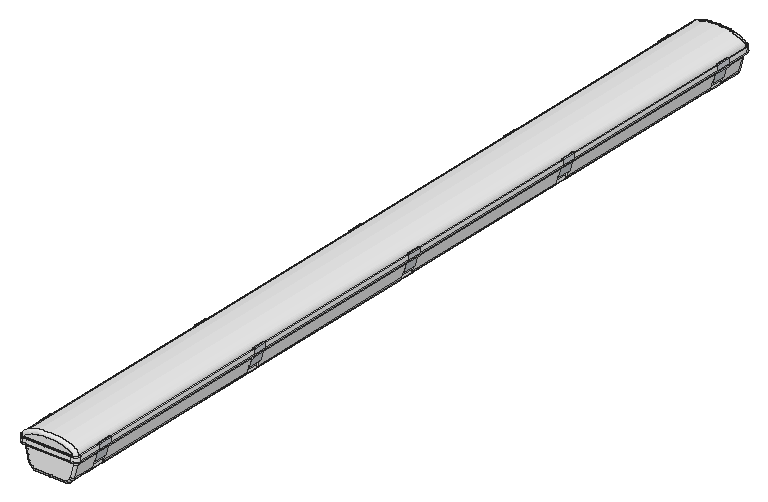
Revit family "0048797 Feilo Sylvania Lighting Fixture HYDROPROOF LED G3 1500MM T 4K D", category Lighting Fixtures, host Face, Revit 2016
Family settings
  Host = Face
  Part Type = Normal
  Round Connector Dimension = Use Diameter
  OmniClass Number = 23.80.70.11.14
  OmniClass Title = General Luminaries, Directional
  Cut with Voids When Loaded = No
  Light Source = Yes
  Shared = No
  Room Calculation Point = No
Parameters (values of type "0048797 HYDROPROOF LED G3 1500MM T 4K D")
  Width = 110 mm
  Weight = "2.6 kg"
  Wattage Comments = "n/a"
  Wattage = 47 W
  WarrantyStartDate [instance] = "n/a"
  WarrantyGuarantorParts = "n/a"
  WarrantyDurationUnit = "n/a"
  WarrantyDurationParts = "n/a"
  WarrantyDescription = "n/a"
  built-in parameter 1150110 = 1 (stored number, unit not read)
  Voltage = 230 V
  URL = "http://www.sylvania-lighting.com"
  TypeName = "HYDROPROOF LED G3 1500MM T 4K D"
  Type Image = <None>
  Type Comments = "n/a"
  built-in parameter 1114217 = 1 (stored number, unit not read)
  Tilt Angle = -90.00°
  built-in parameter 1150109 = 1 (stored number, unit not read)
  built-in parameter 1150134 = 12
  built-in parameter 1150113 = 1 (stored number, unit not read)
  SerialNumber [instance] = "n/a"
  ReflectorMaterial = none
  PowerFactor = 0
  PowerConsumption = "47 W"
  Photometric Web File = "0048797.ies"
  NominalWidth = 0 mm
  NominalLength = 1578 mm
  NominalHeight = 78 mm
  Name = "HYDROPROOF LED G3 1500MM T 4K D"
  ModelReference = "HYDROPROOF LED G3 1500MM T 4K D"
  ModelNumber = "0048797"
  Model = "HYDROPROOF LED G3 1500MM T 4K D"
  Material = "grp housing, pmma diffuser"
  ManufacturerName = "Feilo Sylvania"
  Manufacturer = "Feilo Sylvania"
  LuminousEfficacy = "147 lm/W"
  built-in parameter 1150105 = 549.8 (stored number, unit not read)
  Lumens = 6909 lm
  LuminaireType = ""
  built-in parameter 1150115 = 1 (stored number, unit not read)
  LightOutputRatio = "n/a"
  built-in parameter 1150137 = (empty or 0)
  built-in parameter 1150139 = (empty or 0)
  Length = 1572 mm
  LampsType = Lamp  # "LED"
  LampNominalLuminous = "6900 lm"
  LampMacAdamStep = "3"
  LampColourTemperature = "4000 K"
  LampColourRenderingIndex = "80"
  built-in parameter 1150112 = 1 (stored number, unit not read)
  built-in parameter 1150114 = 1 (stored number, unit not read)
  Lamp = "LED"
  Keynote = "16500"
  InstallationDate [instance] = "n/a"
  InputVoltage = "220-240V~"
  InputNominalFrequency = "DC/50/60 Hz"
  built-in parameter 1150132 = (empty or 0)
  built-in parameter 1150102 = (empty or 0)
  built-in parameter 1150107 = 4000 (stored number, unit not read)
  built-in parameter 1150138 = (empty or 0)
  IngressProtection = "IP65"
  ImpactProtectionIndex = "IK02"
  built-in parameter 1150106 = 5.498 (stored number, unit not read)
  IfcExportType = "IfcLightFixtureType"
  IfcExportAs = "IfcLightFixtureType"
  ExpectedLife = 50000
  Emit from Rectangle Width = Width - 20 mm  # 90 mm
  Emit from Rectangle Length = Length - 20 mm  # 1552 mm
  Emit Shape Visible in Rendering = no
  ElectricShockClassification = "Class I"
  built-in parameter 1150104 = 13.657 (stored number, unit not read)
  DurationUnit = "hours"
  DocumentationLiterature = "http://www.sylvania-lighting.com/product/en-int/products/0048797"
  DimmingControlOptions = "Dimmable"
  Dimming Lamp Color Temperature Shift = <None>
  DiffuserMaterial = Diffuser-Sylvania-Transparent
  Description = "Hydroproof, integrated LED chemical resistant weatherproof luminaire, with UV stabilized flat diffuser and linear prisms designed to achieve uniform lit appearance, optimise light output and to reduce glare, stainless steel diffuser clips and fixing brackets for surface and wall mounting. L 1578 mm x W 110 mm x H 78 mm size, GRP housing, PMMA diffuser, DALI dimmable, 4000K, CRI80,  6900 lm, 47 W, 147 lm/W, nominal average life (h):50000, energy class: A++ A+ A Class I,IK02, IP65."
  Default Elevation = 1219.2 mm
  CreatedOn = "3/27/2018"
  CreatedBy = "aron.fodor@feilosylvania.com"
  Cost = 0
  Color Filter = 16777215
  built-in parameter 1114216 [instance] = (empty or 0)
  ClassificationValue = "EF_70_80"
  ClassificationName = "Uniclass2015"
  BodyMaterial = Body-Sylvania-Gray
  BarCode [instance] = "n/a"
  built-in parameter 1114218 = 1 (stored number, unit not read)
  built-in parameter 1150133 = 10 (stored number, unit not read)
  AssetType = "Fixed"
  AssetIdentifier [instance] = "n/a"
  Assembly Code = "D5020200"
  Apparent Load = 47 VA
  AccessoryMaterial = Diffuser-Sylvania-Glow
Reference planes
  plane 1 "Center (Front/Back)": y = 0
  plane 2: z = 0
  plane 3 "Center (Left/Right)": x = 0
  plane 4: z = 54
  plane 5: x = -27.7
  plane 6: x = -34.8
  plane 7: x = -39.6
  plane 8: x = -42.2
  plane 9: z = 3
  plane 10: z = 7.8
  plane 11: z = 12.3
  plane 12: z = 36.6
  plane 13: z = 42.8
  plane 14: x = -51.1
  plane 15: z = 46.2
  plane 16: x = -55
  plane 17: y = 786
  plane 18: y = -786
  plane 19: x = 27.7
  plane 20: x = 34.8
  plane 21: x = 39.6
  plane 22: x = 42.2
  plane 23: x = 51.1
  plane 24: x = 55
  plane 25: y = 778.4
  plane 26: y = -778.4
  plane 27: y = -774.7
  plane 28: y = 774.7
  plane 29: z = 74
  plane 30: x = -51.5
  plane 31: x = 51.5
  plane 32: z = 55.2
  plane 33: y = -782.5
  plane 34: y = 782.5
  plane 35: x = -37.5
  plane 36: x = 37.5
  plane 37: x = -48.7
  plane 38: x = 48.7
  plane 39: x = 18
  plane 40: x = -18
  plane 41: z = 50.2
  plane 42: z = 24.6
  plane 43: y = 720
  plane 44: y = 706
  plane 45: y = 734
  plane 46: y = -720
  plane 47: y = 720
  plane 48: y = 706
  plane 49: y = 734
  plane 50: y = -720
  plane 51: y = -734
  plane 52: y = -706
  plane 53: y = 360
  plane 54: y = 346
  plane 55: y = 374
  plane 56: y = 0
  plane 57: y = -14
  plane 58: y = 14
  plane 59: y = -360
  plane 60: y = -374
  plane 61: y = -346
Forms (mm)
  Sweep 1, solid, material "Body-Sylvania-Gray" <- "BodyMaterial", detail levels medium+fine
    path origin (1223.4, -4572, 54) x (0, -1, 0) y (1, 0, 0)
      loop
        arc (-3796, -1278.4) -> (-3788.929, -1275.471) -> (-3786, -1268.4) r 10
        line (-3786, -1268.4) -> (-3786, -1178.4)
        arc (-3786, -1178.4) -> (-3788.929, -1171.329) -> (-3796, -1168.4) r 10
        line (-3796, -1168.4) -> (-5348, -1168.4)
        arc (-5348, -1168.4) -> (-5355.071, -1171.329) -> (-5358, -1178.4) r 10
        line (-5358, -1178.4) -> (-5358, -1268.4)
        arc (-5358, -1268.4) -> (-5355.071, -1275.471) -> (-5348, -1278.4) r 10
        line (-5348, -1278.4) -> (-3796, -1278.4)
    profile origin (-55, 0, 54) x (-1, 0, 0) y (0, 0, 1)
      loop
        line (0, 0) -> (-1, 0) -> (-1, -7.726)
        arc (-1, -7.726) -> (-1.994, -9.498) -> (-3.9, -10.2) r 2.937
        line (-3.9, -10.2) -> (-8.571, -10.2) -> (-8.571, -11.2) -> (-3.9, -11.2)
        arc (-3.9, -11.2) -> (-1.313, -10.231) -> (0, -7.8) r 3.937
        line (0, -7.8) -> (0, 0)
  Sweep 2, solid, material "Body-Sylvania-Gray" <- "BodyMaterial", detail levels medium+fine
    path origin (0, 0, 0) x (1, 0, 0) y (0, 0, 1)
      loop
        line (48.7, 42.8) -> (48.7, 36.6) -> (42.203, 12.31)
        arc (42.203, 12.31) -> (41.199, 9.884) -> (39.6, 7.8) r 10.052
        line (39.6, 7.8) -> (34.8, 3)
        arc (34.8, 3) -> (31.554, 0.781) -> (27.7, 0) r 9.902
        line (27.7, 0) -> (0, 0) -> (-27.7, 0)
        arc (-27.7, 0) -> (-31.554, 0.781) -> (-34.8, 3) r 9.902
        line (-34.8, 3) -> (-39.6, 7.8)
        arc (-39.6, 7.8) -> (-41.199, 9.884) -> (-42.203, 12.31) r 10.052
        line (-42.203, 12.31) -> (-48.7, 36.6) -> (-48.7, 42.8)
    profile origin (0, 0, 0) x (0, 0, -1) y (0, -1, 0)
      loop
        arc (0, 773.4) -> (-1.464, 776.936) -> (-5, 778.4) r 5
        line (-5, 778.4) -> (-7.8, 778.4) -> (-7.8, -778.4) -> (-5, -778.4)
        arc (-5, -778.4) -> (-1.464, -776.936) -> (0, -773.4) r 5
        line (0, -773.4) -> (0, 773.4)
  Extrusion 3, solid, material "Body-Sylvania-Gray" <- "BodyMaterial", detail levels medium+fine
    sketch origin (1524, 778.4, 1219.2) x (1, 0, 0) y (0, 0, 1)
      loop
        arc (-1558.668, -1204.874) -> (-1558.443, -1205.418) -> (-1558.085, -1205.885) r 2.252
        line (-1558.085, -1205.885) -> (-1553.231, -1210.738)
        arc (-1553.231, -1210.738) -> (-1552.534, -1211.227) -> (-1551.7, -1211.4) r 2.102
        line (-1551.7, -1211.4) -> (-1496.3, -1211.4)
        arc (-1496.3, -1211.4) -> (-1495.466, -1211.227) -> (-1494.769, -1210.738) r 2.102
        line (-1494.769, -1210.738) -> (-1489.915, -1205.885)
        arc (-1489.915, -1205.885) -> (-1489.557, -1205.418) -> (-1489.332, -1204.874) r 2.252
        line (-1489.332, -1204.874) -> (-1483.1, -1181.575) -> (-1483.1, -1176.4) -> (-1564.9, -1176.4) -> (-1564.9, -1181.575) -> (-1558.668, -1204.874)
    from 0 to 1556.8
  Sweep 4, solid, material "Diffuser-Sylvania-Transparent" <- "DiffuserMaterial", detail levels medium+fine
    path origin (0, 0, 0) x (1, 0, 0) y (0, 0, 1)
      loop
        spline (-51.5, 55.2) -> (-49.745, 60.066) -> (-44.6, 64.6) -> (-36.416, 68.494) -> (-25.75, 71.481) -> (-13.329, 73.359) -> (0, 74) -> (13.329, 73.359) -> (25.75, 71.481) -> (36.416, 68.494) -> (44.6, 64.6) -> (49.745, 60.066) -> (51.5, 55.2)
    profile origin (51.5, 0, 55.2) x (0, -1, 0) y (1, 0, 0)
      loop
        arc (782.5, -5.5) -> (780.889, -1.611) -> (777, 0) r 5.5
        line (777, 0) -> (-777, 0)
        arc (-777, 0) -> (-780.889, -1.611) -> (-782.5, -5.5) r 5.5
        line (-782.5, -5.5) -> (-782.5, -6.3) -> (-781.5, -6.3) -> (-781.5, -5.5)
        arc (-781.5, -5.5) -> (-780.182, -2.318) -> (-777, -1) r 4.5
        line (-777, -1) -> (777, -1)
        arc (777, -1) -> (780.182, -2.318) -> (781.5, -5.5) r 4.5
        line (781.5, -5.5) -> (781.5, -6.347) -> (782.5, -6.347) -> (782.5, -5.5)
  Extrusion 5, solid, material "Diffuser-Sylvania-Transparent" <- "DiffuserMaterial", detail levels medium+fine
    sketch origin (1524, -782.5, 1219.2) x (1, 0, 0) y (0, 0, 1)
      loop
        line (-1569.653, -1164) -> (-1478.347, -1164)
        spline (-1478.347, -1164) -> (-1478.969, -1162.594) -> (-1482.527, -1159.545) -> (-1489.588, -1156.201) -> (-1499.458, -1153.445) -> (-1511.242, -1151.663) -> (-1524, -1151.049) -> (-1536.758, -1151.663) -> (-1548.542, -1153.445) -> (-1558.412, -1156.201) -> (-1565.473, -1159.545) -> (-1569.031, -1162.594) -> (-1569.653, -1164)
    from 0 to -1
  Extrusion 6, solid, material "Diffuser-Sylvania-Transparent" <- "DiffuserMaterial", detail levels medium+fine
    sketch origin (1524, 782.5, 1219.2) x (1, 0, 0) y (0, 0, 1)
      loop
        spline (-1478.3, -1164) -> (-1478.931, -1162.565) -> (-1482.502, -1159.505) -> (-1489.572, -1156.155) -> (-1499.446, -1153.394) -> (-1511.236, -1151.614) -> (-1524, -1151.007) -> (-1536.764, -1151.614) -> (-1548.554, -1153.394) -> (-1558.428, -1156.155) -> (-1565.498, -1159.505) -> (-1569.069, -1162.565) -> (-1569.7, -1164)
        line (-1569.7, -1164) -> (-1478.3, -1164)
    from 0 to 1
  Extrusion 7, solid, material "Diffuser-Sylvania-Transparent" <- "DiffuserMaterial", detail levels medium+fine
    sketch origin (1223.4, -4572, 55.2) x (0, -1, 0) y (-1, 0, 0)
      loop
        arc (-5353.5, 1177.4) -> (-5352.182, 1174.218) -> (-5349, 1172.9) r 4.5
        line (-5349, 1172.9) -> (-3795, 1172.9)
        arc (-3795, 1172.9) -> (-3791.818, 1174.218) -> (-3790.5, 1177.4) r 4.5
        line (-3790.5, 1177.4) -> (-3790.5, 1269.4)
        arc (-3790.5, 1269.4) -> (-3791.818, 1272.582) -> (-3795, 1273.9) r 4.5
        line (-3795, 1273.9) -> (-5349, 1273.9)
        arc (-5349, 1273.9) -> (-5352.182, 1272.582) -> (-5353.5, 1269.4) r 4.5
        line (-5353.5, 1269.4) -> (-5353.5, 1177.4)
      loop
        line (-5358, 1268.4) -> (-5358, 1178.4)
        arc (-5358, 1178.4) -> (-5355.071, 1171.329) -> (-5348, 1168.4) r 10
        line (-5348, 1168.4) -> (-3796, 1168.4)
        arc (-3796, 1168.4) -> (-3788.929, 1171.329) -> (-3786, 1178.4) r 10
        line (-3786, 1178.4) -> (-3786, 1268.4)
        arc (-3786, 1268.4) -> (-3788.929, 1275.471) -> (-3796, 1278.4) r 10
        line (-3796, 1278.4) -> (-5348, 1278.4)
        arc (-5348, 1278.4) -> (-5355.071, 1275.471) -> (-5358, 1268.4) r 10
    from 0 to 1.2
  Extrusion 8, solid, material "Diffuser-Sylvania-Glow" <- "AccessoryMaterial", detail levels fine
    sketch origin (0, 0, 0) x (1, 0, 0) y (0, 0, 1)
      loop
        circle (-18, 50.2) r 8
      loop
        circle (18, 50.2) r 8
    from -774.7 to 774.7
  Extrusion 9, void
    sketch origin (0, 720, 2343.807) x (0, 0, -1) y (-1, 0, 0)
      loop
        line (2340.807, -37.5) -> (2331.507, -37.5) -> (2319.207, -42.2) -> (2319.207, -48.7) -> (2340.807, -48.7) -> (2340.807, -37.5)
      loop
        line (2340.807, 37.5) -> (2340.807, 48.7) -> (2319.207, 48.7) -> (2319.207, 42.2) -> (2331.507, 37.5) -> (2340.807, 37.5)
    from -14 to 14
  Extrusion 10, solid, material "Body-Sylvania-Gray" <- "BodyMaterial", detail levels coarse
    sketch origin (0, 0, 0) x (1, 0, 0) y (0, 0, 1)
      loop
        line (55, 42.8) -> (55, 55.2) -> (-55, 55.2) -> (-55, 42.791) -> (-42.2, 0) -> (42.2, 0) -> (55, 42.8)
    from -786 to 786
  Extrusion 11, solid, material "Diffuser-Sylvania-Transparent" <- "DiffuserMaterial", detail levels coarse
    sketch origin (0, 0, 0) x (1, 0, 0) y (0, 0, 1)
      loop
        arc (51.5, 55.2) -> (0, 74) -> (-51.5, 55.2) r 79.939
        line (-51.5, 55.2) -> (51.5, 55.2)
    from 778.4 to -778.4
  Extrusion 12, void, not visible
    sketch origin (0, 720, 2343.807) x (0, 0, -1) y (-1, 0, 0)
      loop
        line (2340.807, -37.5) -> (2331.507, -37.5) -> (2319.207, -42.2) -> (2319.207, -48.7) -> (2340.807, -48.7) -> (2340.807, -37.5)
      loop
        line (2340.807, 37.5) -> (2340.807, 48.7) -> (2319.207, 48.7) -> (2319.207, 42.2) -> (2331.507, 37.5) -> (2340.807, 37.5)
    from -14 to 14
  Extrusion 13, void
    sketch origin (0, -720, 2343.807) x (0, 0, -1) y (-1, 0, 0)
      loop
        line (2340.807, -37.5) -> (2331.507, -37.5) -> (2319.207, -42.2) -> (2319.207, -48.7) -> (2340.807, -48.7) -> (2340.807, -37.5)
      loop
        line (2340.807, 37.5) -> (2340.807, 48.7) -> (2319.207, 48.7) -> (2319.207, 42.2) -> (2331.507, 37.5) -> (2340.807, 37.5)
    from -14 to 14
  Extrusion 14, void
    sketch origin (0, 360, 2343.807) x (0, 0, -1) y (-1, 0, 0)
      loop
        line (2340.807, -37.5) -> (2331.507, -37.5) -> (2319.207, -42.2) -> (2319.207, -48.7) -> (2340.807, -48.7) -> (2340.807, -37.5)
      loop
        line (2340.807, 37.5) -> (2340.807, 48.7) -> (2319.207, 48.7) -> (2319.207, 42.2) -> (2331.507, 37.5) -> (2340.807, 37.5)
    from -14 to 14
  Extrusion 15, void
    sketch origin (0, 0, 2343.807) x (0, 0, -1) y (-1, 0, 0)
      loop
        line (2340.807, -37.5) -> (2331.507, -37.5) -> (2319.207, -42.2) -> (2319.207, -48.7) -> (2340.807, -48.7) -> (2340.807, -37.5)
      loop
        line (2340.807, 37.5) -> (2340.807, 48.7) -> (2319.207, 48.7) -> (2319.207, 42.2) -> (2331.507, 37.5) -> (2340.807, 37.5)
    from -14 to 14
  Extrusion 16, void
    sketch origin (0, -360, 2343.807) x (0, 0, -1) y (-1, 0, 0)
      loop
        line (2340.807, -37.5) -> (2331.507, -37.5) -> (2319.207, -42.2) -> (2319.207, -48.7) -> (2340.807, -48.7) -> (2340.807, -37.5)
      loop
        line (2340.807, 37.5) -> (2340.807, 48.7) -> (2319.207, 48.7) -> (2319.207, 42.2) -> (2331.507, 37.5) -> (2340.807, 37.5)
    from -14 to 14
Cuts and joins
  Extrusion 9, Extrusion 13, Extrusion 14, Extrusion 15, Extrusion 16 cuts Sweep 2
  Extrusion 13, Extrusion 14, Extrusion 15, Extrusion 16 cuts Extrusion 3
  joined: Sweep 2, Extrusion 3
  joined: Sweep 4, Extrusion 5, Extrusion 6
Dimensions and locks
  locked: plane 4 to plane 2 at 54
  plane 5 to plane 6 to plane 7 to plane 8 to plane 14 to plane 16 = 7.1 mm locked, 4.8 mm locked, 2.6 mm locked, 8.9 mm, 3.9 mm
  plane 4 to plane 15 to plane 13 to plane 12 to plane 11 to plane 10 to plane 9 = 7.8 mm locked, 3.4 mm, 6.2 mm locked, 24.3 mm locked, 4.5 mm locked, 4.8 mm locked
  equal spacing: plane 18, plane 1 "Center (Front/Back)", plane 17
  "Length": plane 18 to plane 17
  plane 19 to plane 20 to plane 21 to plane 22 to plane 23 to plane 24 = 7.1 mm locked, 4.8 mm locked, 2.6 mm locked, 8.9 mm, 3.9 mm
  equal spacing: plane 24, plane 3 "Center (Left/Right)", plane 16
  "Width": plane 24 to plane 16
  equal spacing: plane 27, plane 1 "Center (Front/Back)", plane 28
  locked: plane 26 to plane 27 at 3.7
  locked: Sweep 1 sketch curve to profile plane at 1
  locked: Sweep 1 sketch curve to plane 13 at 1
  locked: Sweep 1 sketch curve to plane 13 at 3.937  (x2)
  locked: Sweep 1 sketch curve to profile plane at 3.9  (x2)
  locked: plane 29 to plane 4 at 20
  equal spacing: plane 31, plane 3 "Center (Left/Right)", plane 30
  locked: plane 30 to plane 16 at 3.5
  locked: plane 32 to plane 4 at 1.2
  equal spacing: plane 33, plane 1 "Center (Front/Back)", plane 34
  equal spacing: plane 36, plane 3 "Center (Left/Right)", plane 35
  locked: plane 3 "Center (Left/Right)" to plane 35 at 37.5
  locked: plane 34 to plane 17 at 3.5
  equal spacing: plane 38, plane 3 "Center (Left/Right)", plane 37
  locked: plane 37 to plane 16 at 6.3
  equal spacing: plane 25, plane 1 "Center (Front/Back)", plane 26
  locked: plane 17 to plane 25 at 7.6
  locked: Sweep 2 sketch curve to plane 2 at 5  (x2)
  locked: Sweep 2 sketch curve to plane 26 at 5
  locked: plane 25 to Sweep 2 sketch curve at 5
  locked: Sweep 4 sketch curve to plane 31 at 5.5  (x2)
  locked: Sweep 4 sketch curve to plane 34 at 5.5
  plane 33 to Sweep 4 sketch curve = 5.5 mm
  locked: plane 34 to Sweep 4 sketch curve at 1
  locked: Sweep 4 sketch curve to plane 31 at 1
  locked: Sweep 4 sketch curve to Sweep 4 sketch curve at 1
  locked: Sweep 4 sketch curve to plane 31 at 6.347
  locked: Sweep 4 sketch curve to plane 31 at 6.3
  equal spacing: plane 39, plane 3 "Center (Left/Right)", plane 40
  locked: plane 3 "Center (Left/Right)" to plane 40 at 18
  locked: plane 42 to plane 2 at 24.6
  plane 45 to plane 43 to plane 44 = 14 mm locked, 14 mm locked
  locked: plane 17 to plane 43 at 66
  equal spacing: plane 43, plane 1 "Center (Front/Back)", plane 46
  plane 49 to plane 47 to plane 48 = 14 mm locked, 14 mm locked
  plane 52 to plane 50 to plane 51 = 14 mm locked, 14 mm locked  (x2)
  equal spacing: group 1, group 6, group 7, group 8, group 5  (x2)
  equal spacing: group 5, group 8, group 7, group 6, group 1
  plane 55 to plane 53 to plane 54 = 14 mm locked, 14 mm locked  (x2)
  plane 58 to plane 56 to plane 57 = 14 mm locked, 14 mm locked  (x2)
  plane 61 to plane 59 to plane 60 = 14 mm locked, 14 mm locked  (x2)
  plane 43 to plane 53 to plane 1 "Center (Front/Back)" to plane 59 to plane 50 = 360 mm locked, 360 mm locked, 360 mm locked, 360 mm locked
  aligned and locked: plane 2 to host face
  aligned and locked: level to host face
  aligned and locked: plane 16 to Sweep 1 sketch curve
  aligned and locked: Sweep 1 sketch curve to plane 24
  aligned and locked: plane 18 to Sweep 1 sketch curve
  aligned and locked: Sweep 1 sketch curve to plane 13
  aligned and locked: profile plane to Sweep 1 sketch curve
  aligned and locked: plane 3 "Center (Left/Right)" to Sweep 2 sketch curve
  aligned and locked: plane 9 to Sweep 2 sketch curve
  aligned and locked: plane 10 to Sweep 2 sketch curve
  aligned and locked: plane 37 to Sweep 2 sketch curve
  aligned and locked: plane 12 to Sweep 2 sketch curve
  aligned and locked: Sweep 2 sketch curve to level
  aligned and locked: plane 21 to Sweep 2 sketch curve
  aligned and locked: plane 38 to Sweep 2 sketch curve
  aligned and locked: profile plane to Sweep 2 sketch curve
  aligned and locked: plane 25 to Sweep 2 sketch curve
  aligned and locked: Sweep 2 sketch curve to plane 10
  aligned and locked: Extrusion 3 sketch curve to Sweep 2  (x7)
  aligned and locked: Sweep 2 to Extrusion 3 sketch curve
  aligned and locked: Extrusion 3 to plane 25
  aligned and locked: plane 26 to Extrusion 3
  aligned and locked: plane 32 to Sweep 4 sketch curve
  aligned and locked: plane 33 to Sweep 4 sketch curve
  aligned and locked: Sweep 4 to Extrusion 5
  aligned and locked: plane 33 to Extrusion 5
  aligned and locked: Extrusion 5 sketch curve to Sweep 4
  aligned and locked: cut or joined group of Sweep 4, Extrusion 5, Extrusion 6 to Extrusion 6 sketch curve
  aligned and locked: Extrusion 7 sketch curve to cut or joined group of Sweep 4, Extrusion 5, Extrusion 6  (x2)
  aligned and locked: cut or joined group of Sweep 4, Extrusion 5, Extrusion 6 to Extrusion 7 sketch curve  (x2)
  aligned and locked: plane 41 to Extrusion 8 sketch curve  (x2)
  aligned and locked: plane 39 to Extrusion 8 sketch curve
  aligned and locked: plane 27 to Extrusion 8
  aligned and locked: Extrusion 8 to plane 28
  aligned and locked: Extrusion 9 to plane 42
  aligned and locked: plane 9 to Extrusion 9
  aligned and locked: plane 44 to Extrusion 9
  aligned and locked: Extrusion 9 to plane 45
  aligned and locked: Extrusion 7 sketch curve to Sweep 1  (x4)
  aligned and locked: plane 4 to Extrusion 7
  aligned and locked: Extrusion 7 to plane 32
  aligned and locked: nested 2 to plane 43
  aligned and locked: plane 43 to nested 1
  aligned and locked: Extrusion 10 sketch curve to plane 24
  aligned and locked: Extrusion 10 sketch curve to Extrusion 7
  aligned and locked: plane 8 to Extrusion 10 sketch curve
  aligned and locked: plane 22 to Extrusion 10 sketch curve
  aligned and locked: level to Extrusion 10 sketch curve
  aligned and locked: Extrusion 10 to plane 17
  aligned and locked: plane 18 to Extrusion 10
  aligned and locked: cut or joined group of Sweep 4, Extrusion 5, Extrusion 6 to Extrusion 11 sketch curve
  aligned and locked: Extrusion 11 sketch curve to cut or joined group of Sweep 4, Extrusion 5, Extrusion 6  (x2)
  aligned and locked: plane 31 to Extrusion 11 sketch curve
  aligned and locked: plane 30 to Extrusion 11 sketch curve
  aligned and locked: plane 26 to Extrusion 11
  aligned and locked: Extrusion 11 to plane 25
  aligned and locked: imposter light to plane 29
  aligned and locked: plane 3 "Center (Left/Right)" to imposter light
  aligned and locked: plane 1 "Center (Front/Back)" to imposter light
  aligned and locked: plane 51 to Extrusion 13
  aligned and locked: Extrusion 13 to plane 52
  aligned and locked: plane 54 to Extrusion 14
  aligned and locked: Extrusion 14 to plane 55
  aligned and locked: plane 57 to Extrusion 15
  aligned and locked: Extrusion 15 to plane 58
  aligned and locked: plane 60 to Extrusion 16
  aligned and locked: Extrusion 16 to plane 61
  aligned and locked: nested 3 to plane 53
  aligned and locked: plane 53 to nested 10
  aligned and locked: nested 4 to plane 56
  aligned and locked: plane 56 to nested 9
  aligned and locked: nested 5 to plane 59
  aligned and locked: plane 59 to nested 8
  aligned and locked: nested 6 to plane 50
  aligned and locked: plane 50 to nested 7
Automatic sketch dimensions
  host sketch curve to host sketch curve = 2438.4 mm  (x2)
  plane 17 to Sweep 1 sketch curve = 0 mm
  Sweep 1 sketch curve to plane 28 = 1.3 mm
  Sweep 1 sketch curve to plane 7 = 5.4 mm
  plane 27 to Sweep 1 sketch curve = 1.3 mm  (x2)
  Sweep 1 sketch curve to Sweep 1 sketch curve = 4.671 mm
  Sweep 1 sketch curve to plane 4 = 0 mm
  Sweep 2 sketch curve to plane 7 = 0 mm
  Sweep 2 sketch curve to plane 6 = 0 mm
  Sweep 2 sketch curve to plane 5 = 0 mm
  plane 19 to Sweep 2 sketch curve = 0 mm
  Sweep 2 sketch curve to plane 9 = 0 mm
  plane 20 to Sweep 2 sketch curve = 0 mm
  Sweep 2 sketch curve to plane 12 = 0 mm
  Sweep 2 sketch curve to plane 10 = 0 mm
  Sweep 2 sketch curve to plane 13 = 0 mm  (x2)
  Sweep 2 sketch curve to plane 8 = 0.003 mm
  plane 6 to Sweep 2 sketch curve = 2.308 mm
  plane 20 to Sweep 2 sketch curve = 2.308 mm
  Sweep 2 sketch curve to plane 22 = 0.003 mm
  Sweep 2 sketch curve to plane 11 = 0.01 mm  (x2)
  Extrusion 3 sketch curve to plane 5 = 0 mm
  plane 19 to Extrusion 3 sketch curve = 0 mm
  plane 6 to Extrusion 3 sketch curve = 0.132 mm
  plane 6 to Extrusion 3 sketch curve = 0.715 mm
  Extrusion 3 sketch curve to Extrusion 3 sketch curve = 1.592 mm
  Extrusion 3 sketch curve to plane 10 = 0.662 mm  (x2)
  plane 20 to Extrusion 3 sketch curve = 2.308 mm
  plane 20 to Extrusion 3 sketch curve = 0.715 mm
  plane 20 to Extrusion 3 sketch curve = 0.132 mm
  Sweep 4 sketch curve to plane 30 = 0 mm
  Sweep 4 sketch curve to plane 3 "Center (Left/Right)" = 0 mm
  Sweep 4 sketch curve to Sweep 4 sketch curve = 0 mm  (x2)
  plane 37 to Extrusion 5 sketch curve = 3.047 mm
  Extrusion 5 sketch curve to plane 38 = 3.047 mm
  plane 37 to Extrusion 6 sketch curve = 3 mm
  Extrusion 6 sketch curve to plane 38 = 3 mm
  plane 25 to Extrusion 7 sketch curve = 1.4 mm  (x2)
  Extrusion 7 sketch curve to plane 26 = 1.4 mm  (x2)
  Extrusion 8 sketch curve to plane 40 = 0 mm
  Extrusion 9 sketch curve to Extrusion 9 sketch curve = 0 mm
  Extrusion 9 sketch curve to Extrusion 9 sketch curve = 12.3 mm  (x2)
  Extrusion 9 sketch curve to Extrusion 9 sketch curve = 9.3 mm  (x2)
  Extrusion 9 sketch curve to Extrusion 9 sketch curve = 6.5 mm
  Extrusion 9 sketch curve to Extrusion 9 sketch curve = 4.7 mm  (x2)
  Extrusion 9 sketch curve to Extrusion 9 sketch curve = 75 mm
  Extrusion 9 sketch curve to Extrusion 9 sketch curve = 11.2 mm
  Extrusion 10 sketch curve to plane 13 = 0 mm
  plane 13 to Extrusion 10 sketch curve = 0.009 mm
  Extrusion 11 sketch curve to level = 5.939 mm
  Extrusion 10 sketch curve to plane 16 = 0 mm
  Extrusion 12 sketch curve to Extrusion 12 sketch curve = 0 mm
  Extrusion 12 sketch curve to Extrusion 12 sketch curve = 12.3 mm  (x2)
  Extrusion 12 sketch curve to Extrusion 12 sketch curve = 9.3 mm  (x2)
  Extrusion 12 sketch curve to Extrusion 12 sketch curve = 6.5 mm
  Extrusion 12 sketch curve to Extrusion 12 sketch curve = 4.7 mm  (x2)
  Extrusion 12 sketch curve to Extrusion 12 sketch curve = 75 mm
  Extrusion 12 sketch curve to Extrusion 12 sketch curve = 11.2 mm
  Extrusion 13 sketch curve to Extrusion 13 sketch curve = 0 mm
  Extrusion 13 sketch curve to Extrusion 13 sketch curve = 12.3 mm  (x2)
  Extrusion 13 sketch curve to Extrusion 13 sketch curve = 9.3 mm  (x2)
  Extrusion 13 sketch curve to Extrusion 13 sketch curve = 6.5 mm
  Extrusion 13 sketch curve to Extrusion 13 sketch curve = 4.7 mm  (x2)
  Extrusion 13 sketch curve to Extrusion 13 sketch curve = 75 mm
  Extrusion 13 sketch curve to Extrusion 13 sketch curve = 11.2 mm
  Extrusion 14 sketch curve to Extrusion 14 sketch curve = 0 mm
  Extrusion 14 sketch curve to Extrusion 14 sketch curve = 12.3 mm  (x2)
  Extrusion 14 sketch curve to Extrusion 14 sketch curve = 9.3 mm  (x2)
  Extrusion 14 sketch curve to Extrusion 14 sketch curve = 6.5 mm
  Extrusion 14 sketch curve to Extrusion 14 sketch curve = 4.7 mm  (x2)
  Extrusion 14 sketch curve to Extrusion 14 sketch curve = 75 mm
  Extrusion 14 sketch curve to Extrusion 14 sketch curve = 11.2 mm
  Extrusion 15 sketch curve to Extrusion 15 sketch curve = 0 mm
  Extrusion 15 sketch curve to Extrusion 15 sketch curve = 12.3 mm  (x2)
  Extrusion 15 sketch curve to Extrusion 15 sketch curve = 9.3 mm  (x2)
  Extrusion 15 sketch curve to Extrusion 15 sketch curve = 6.5 mm
  Extrusion 15 sketch curve to Extrusion 15 sketch curve = 4.7 mm  (x2)
  Extrusion 15 sketch curve to Extrusion 15 sketch curve = 75 mm
  Extrusion 15 sketch curve to Extrusion 15 sketch curve = 11.2 mm
  Extrusion 16 sketch curve to Extrusion 16 sketch curve = 0 mm
  Extrusion 16 sketch curve to Extrusion 16 sketch curve = 12.3 mm  (x2)
  Extrusion 16 sketch curve to Extrusion 16 sketch curve = 9.3 mm  (x2)
  Extrusion 16 sketch curve to Extrusion 16 sketch curve = 6.5 mm
  Extrusion 16 sketch curve to Extrusion 16 sketch curve = 4.7 mm  (x2)
  Extrusion 16 sketch curve to Extrusion 16 sketch curve = 75 mm
  Extrusion 16 sketch curve to Extrusion 16 sketch curve = 11.2 mm
  radius of Extrusion 8 sketch curve = 8 mm  (x2)
Nested families
  nested 1: "Clip" at (42.2, 720, 24.6), type "Clip", detail levels fine
  nested 2: "Clip" at (-42.2, 720, 24.6) x (-1, 0, 0) z (0, 0, 1), type "Clip", detail levels fine
  nested 3: "Clip" at (-42.2, 360, 24.6) x (-1, 0, 0) z (0, 0, 1), type "Clip", detail levels fine
  nested 4: "Clip" at (-42.2, 0, 24.6) x (-1, 0, 0) z (0, 0, 1), type "Clip", detail levels fine
  nested 5: "Clip" at (-42.2, -360, 24.6) x (-1, 0, 0) z (0, 0, 1), type "Clip", detail levels fine
  nested 6: "Clip" at (-42.2, -720, 24.6) x (-1, 0, 0) z (0, 0, 1), type "Clip", detail levels fine
  nested 7: "Clip" at (42.2, -720, 24.6), type "Clip", detail levels fine
  nested 8: "Clip" at (42.2, -360, 24.6), type "Clip", detail levels fine
  nested 9: "Clip" at (42.2, 0, 24.6), type "Clip", detail levels fine
  nested 10: "Clip" at (42.2, 360, 24.6), type "Clip", detail levels fine
Connectors
  electrical at (0, 0, 0), driven by "Apparent Load"
    settings: index 1, voltage 230 V, apparent load 47 VA, apparent load phase1 0 VA, apparent load phase2 0 VA, apparent load phase3 0 VA, power factor 0, load classification "Lighting", number of poles 1, system type 30, power factor state 1, is connector primary yes, connector utility no, sub classification motor no, connector description ""
Definition of nested family "Clip"
  Parameters (values of type "Clip")
    URL = "http://www.feilosylvania.com"
    Type Comments = "n/a"
    Model = "n/a"
    Manufacturer = "Feilo Sylvania"
    Keynote = "n/a"
    Description = "n/a"
    Default Elevation = 1219.2 mm
    Cost = 0
    BodyMaterial = none
    Assembly Code = "n/a"
  Reference planes
    plane 1 "Center (Front/Back)": y = 0
    plane 2: z = 0
    plane 3 "Center (Left/Right)": x = 0
    plane 4: x = 3.3
    plane 5: x = 6.5
    plane 6: x = 8.9
    plane 7: x = 12.8
    plane 8: z = 12
    plane 9: z = 18.2
    plane 10: z = 21.6
    plane 11: z = 30.6
    plane 12: x = 9.3
    plane 13: z = 19.2
    plane 14: z = 16.2
    plane 15: x = 10.1
    plane 16: y = 12
    plane 17: y = -12
  Forms (mm)
    Extrusion 1, solid
      sketch origin (-0.8, 0, 0) x (1, 0, 0) y (0, 1, 0)
        loop
          line (-1219.2, 1219.2) -> (-1219.2, -1219.2) -> (1219.2, -1219.2) -> (1219.2, 1219.2) -> (-1219.2, 1219.2)
      from 0 to -304.8
    Extrusion 2, solid
      sketch origin (0, 0, 0) x (1, 0, 0) y (0, 0, 1)
        loop
          line (8.9, 16.2) -> (4.58, 0) -> (0, 0) -> (0, -0.8) -> (5.195, -0.8) -> (9.603, 15.731) -> (13.6, 18.806) -> (13.6, 30.6)
          arc (13.6, 30.6) -> (11.45, 32.75) -> (9.3, 30.6) r 2.15
          line (9.3, 30.6) -> (10.1, 30.6)
          arc (10.1, 30.6) -> (11.45, 31.95) -> (12.8, 30.6) r 1.35
          line (12.8, 30.6) -> (12.8, 19.2) -> (8.9, 16.2)
      from -12 to 12
  Lines and regions (mm)
    reference lines
      curve 1: line (3.3, 0, 0) -> (6.5, 0, 12)
      curve 2: arc (8.9, 0, 18.2) -> (11.488, 0, 19.169) -> (12.8, 0, 21.6) r 3.934
  Dimensions and locks
    plane 7 to plane 6 to plane 5 to plane 4 to plane 3 "Center (Left/Right)" = 3.9 mm locked, 2.4 mm locked, 3.2 mm locked, 3.3 mm locked
    plane 11 to plane 10 to plane 9 to plane 8 to plane 2 = 9 mm locked, 3.4 mm locked, 6.2 mm locked, 12 mm locked
    locked: plane 7 to plane 12 at 3.5
    locked: plane 13 to plane 9 at 1
    locked: plane 9 to plane 14 at 2
    locked: plane 15 to plane 12 at 0.8
    locked: plane 2 to Extrusion 2 sketch curve at 0.8
    locked: Extrusion 2 sketch curve to Extrusion 2 sketch curve at 0.8  (x3)
    locked: plane 7 to Extrusion 2 sketch curve at 1.35
    equal spacing: plane 17, plane 1 "Center (Front/Back)", plane 16
    locked: plane 1 "Center (Front/Back)" to plane 16 at 12
    aligned and locked: plane 2 to Extrusion 1
    aligned and locked: level to Extrusion 1
    aligned and locked: plane 4 to curve 1
    aligned and locked: plane 5 to curve 1
    aligned and locked: plane 6 to curve 2
    aligned and locked: plane 10 to curve 2
    aligned and locked: plane 14 to Extrusion 2 sketch curve
    aligned and locked: plane 13 to Extrusion 2 sketch curve
    aligned and locked: plane 7 to Extrusion 2 sketch curve
    aligned and locked: plane 3 "Center (Left/Right)" to Extrusion 2 sketch curve
    aligned and locked: Extrusion 2 sketch curve to level
    aligned and locked: Extrusion 2 sketch curve to plane 11
    aligned and locked: plane 11 to Extrusion 2 sketch curve
    aligned and locked: Extrusion 2 to plane 16
    aligned and locked: plane 17 to Extrusion 2
  Automatic sketch dimensions
    Extrusion 1 sketch curve to Extrusion 1 sketch curve = 2438.4 mm  (x2)
    curve 2 to plane 7 = 0 mm
    curve 1 to level = 0 mm
    curve 1 to plane 8 = 0 mm
    curve 2 to plane 9 = 0 mm
    plane 6 to curve 2 = 0.002 mm
    Extrusion 2 sketch curve to Extrusion 2 sketch curve = 0 mm
    Extrusion 2 sketch curve to plane 6 = 0 mm
    plane 4 to Extrusion 2 sketch curve = 1.28 mm
